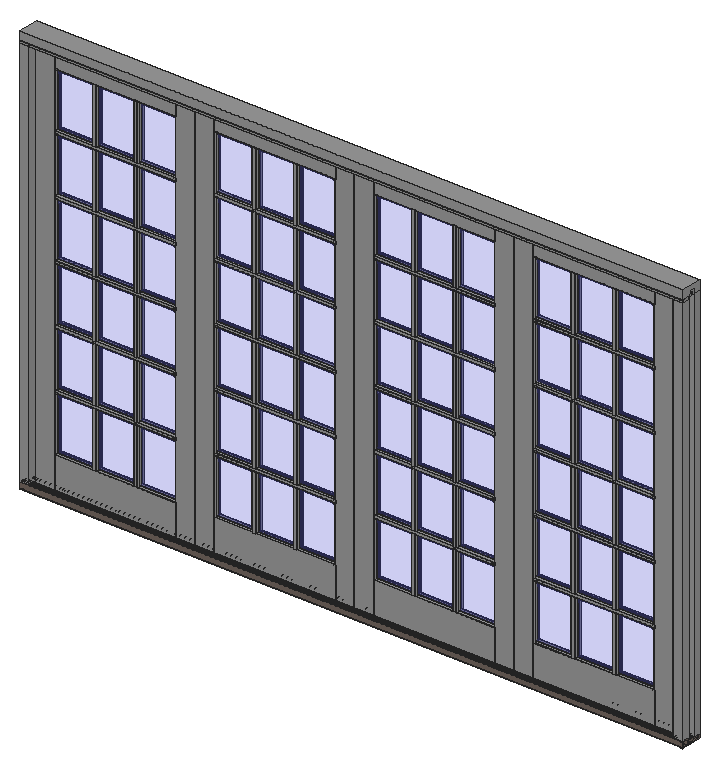
Revit family "VSFA 3390 SP RH", category Doors, host Wall, Revit 2015 (continued)
Automatic sketch dimensions
  Sweep 99 sketch curve to Sweep 99 sketch curve = 198.34 mm
  plane 5 to Sweep 99 sketch curve = 722.012 mm
  Sweep 99 sketch curve to Sweep 99 sketch curve = 284.012 mm
  profile plane to Sweep 99 sketch curve = 0 mm
  profile plane to Sweep 99 sketch curve = 0.241 mm
  Sweep 99 sketch curve to Sweep 99 sketch curve = 6.759 mm
  Sweep 99 sketch curve to Sweep 99 sketch curve = 2 mm  (x2)
  Sweep 99 sketch curve to profile plane = 86 mm
  Sweep 99 sketch curve to Sweep 99 sketch curve = 6 mm
  plane 8 to Sweep 100 sketch curve = 294.32 mm
  plane 8 to Sweep 100 sketch curve = 95.98 mm
  plane 5 to Sweep 100 sketch curve = 722.012 mm
  Sweep 100 sketch curve to Sweep 100 sketch curve = 284.012 mm
  profile plane to Sweep 100 sketch curve = 0 mm
  profile plane to Sweep 100 sketch curve = 0.241 mm
  Sweep 100 sketch curve to Sweep 100 sketch curve = 6.759 mm
  Sweep 100 sketch curve to Sweep 100 sketch curve = 2 mm  (x2)
  Sweep 100 sketch curve to profile plane = 86 mm
  Sweep 100 sketch curve to Sweep 100 sketch curve = 6 mm
  host wall to Extrusion 101 sketch curve = 7.5 mm  (x3)
  Extrusion 101 sketch curve to plane 3 "Left" = 334.84 mm
  Extrusion 101 sketch curve to Extrusion 101 sketch curve = 2 mm  (x8)
  Extrusion 101 sketch curve to Extrusion 101 sketch curve = 6.759 mm  (x4)
  Extrusion 101 sketch curve to Extrusion 101 sketch curve = 0.241 mm  (x6)
  Extrusion 101 sketch curve to Extrusion 101 sketch curve = 13 mm  (x3)
  Extrusion 101 sketch curve to Extrusion 101 sketch curve = 0 mm  (x2)
  host wall to Extrusion 101 sketch curve = 5.5 mm
  Extrusion 101 sketch curve to Extrusion 101 sketch curve = 180.34 mm
  Extrusion 101 sketch curve to Extrusion 101 sketch curve = 8 mm
  host wall to Extrusion 101 sketch curve = 13.5 mm
  Extrusion 101 sketch curve to Extrusion 101 sketch curve = 6 mm
  Extrusion 101 sketch curve to Extrusion 101 sketch curve = 1.197 mm  (x2)
  Extrusion 101 sketch curve to host wall = 24.5 mm  (x2)
  Sweep 102 sketch curve to plane 3 "Left" = 145.5 mm
  Sweep 102 sketch curve to Sweep 102 sketch curve = 198.34 mm
  plane 5 to Sweep 102 sketch curve = 1019.012 mm
  Sweep 102 sketch curve to Sweep 102 sketch curve = 284.012 mm
  profile plane to Sweep 102 sketch curve = 0 mm
  profile plane to Sweep 102 sketch curve = 0.241 mm
  Sweep 102 sketch curve to Sweep 102 sketch curve = 6.759 mm
  Sweep 102 sketch curve to Sweep 102 sketch curve = 2 mm  (x2)
  Sweep 102 sketch curve to profile plane = 86 mm
  Sweep 102 sketch curve to Sweep 102 sketch curve = 6 mm
  Sweep 103 sketch curve to plane 3 "Left" = 356.84 mm
  Sweep 103 sketch curve to Sweep 103 sketch curve = 198.34 mm
  plane 5 to Sweep 103 sketch curve = 1019.012 mm
  Sweep 103 sketch curve to Sweep 103 sketch curve = 284.012 mm
  profile plane to Sweep 103 sketch curve = 0 mm
  profile plane to Sweep 103 sketch curve = 0.241 mm
  Sweep 103 sketch curve to Sweep 103 sketch curve = 6.759 mm
  Sweep 103 sketch curve to Sweep 103 sketch curve = 2 mm  (x2)
  Sweep 103 sketch curve to profile plane = 86 mm
  Sweep 103 sketch curve to Sweep 103 sketch curve = 6 mm
  plane 8 to Sweep 104 sketch curve = 294.32 mm
  plane 8 to Sweep 104 sketch curve = 95.98 mm
  plane 5 to Sweep 104 sketch curve = 1019.012 mm
  Sweep 104 sketch curve to Sweep 104 sketch curve = 284.012 mm
  profile plane to Sweep 104 sketch curve = 0 mm
  profile plane to Sweep 104 sketch curve = 0.241 mm
  Sweep 104 sketch curve to Sweep 104 sketch curve = 6.759 mm
  Sweep 104 sketch curve to Sweep 104 sketch curve = 2 mm  (x2)
  Sweep 104 sketch curve to profile plane = 86 mm
  Sweep 104 sketch curve to Sweep 104 sketch curve = 6 mm
  host wall to Extrusion 105 sketch curve = 7.5 mm  (x3)
  Extrusion 105 sketch curve to plane 3 "Left" = 334.84 mm
  Extrusion 105 sketch curve to Extrusion 105 sketch curve = 2 mm  (x8)
  Extrusion 105 sketch curve to Extrusion 105 sketch curve = 6.759 mm  (x4)
  Extrusion 105 sketch curve to Extrusion 105 sketch curve = 0.241 mm  (x6)
  Extrusion 105 sketch curve to Extrusion 105 sketch curve = 13 mm  (x3)
  Extrusion 105 sketch curve to Extrusion 105 sketch curve = 0 mm  (x2)
  host wall to Extrusion 105 sketch curve = 5.5 mm
  Extrusion 105 sketch curve to Extrusion 105 sketch curve = 180.34 mm
  Extrusion 105 sketch curve to Extrusion 105 sketch curve = 8 mm
  host wall to Extrusion 105 sketch curve = 13.5 mm
  Extrusion 105 sketch curve to Extrusion 105 sketch curve = 6 mm
  Extrusion 105 sketch curve to Extrusion 105 sketch curve = 1.197 mm  (x2)
  Extrusion 105 sketch curve to host wall = 24.5 mm  (x2)
  Sweep 106 sketch curve to plane 3 "Left" = 145.5 mm
  Sweep 106 sketch curve to Sweep 106 sketch curve = 198.34 mm
  level to Sweep 106 sketch curve = 783.988 mm
  Sweep 106 sketch curve to Sweep 106 sketch curve = 284.012 mm
  profile plane to Sweep 106 sketch curve = 0 mm
  profile plane to Sweep 106 sketch curve = 0.241 mm
  Sweep 106 sketch curve to Sweep 106 sketch curve = 6.759 mm
  Sweep 106 sketch curve to Sweep 106 sketch curve = 2 mm  (x2)
  Sweep 106 sketch curve to profile plane = 86 mm
  Sweep 106 sketch curve to Sweep 106 sketch curve = 6 mm
  Sweep 107 sketch curve to plane 3 "Left" = 356.84 mm
  Sweep 107 sketch curve to Sweep 107 sketch curve = 198.34 mm
  level to Sweep 107 sketch curve = 783.988 mm
  Sweep 107 sketch curve to Sweep 107 sketch curve = 284.012 mm
  profile plane to Sweep 107 sketch curve = 0 mm
  profile plane to Sweep 107 sketch curve = 0.241 mm
  Sweep 107 sketch curve to Sweep 107 sketch curve = 6.759 mm
  Sweep 107 sketch curve to Sweep 107 sketch curve = 2 mm  (x2)
  Sweep 107 sketch curve to profile plane = 86 mm
  Sweep 107 sketch curve to Sweep 107 sketch curve = 6 mm
  plane 8 to Sweep 108 sketch curve = 294.32 mm
  plane 8 to Sweep 108 sketch curve = 95.98 mm
  level to Sweep 108 sketch curve = 783.988 mm
  Sweep 108 sketch curve to Sweep 108 sketch curve = 284.012 mm
  profile plane to Sweep 108 sketch curve = 0 mm
  profile plane to Sweep 108 sketch curve = 0.241 mm
  Sweep 108 sketch curve to Sweep 108 sketch curve = 6.759 mm
  Sweep 108 sketch curve to Sweep 108 sketch curve = 2 mm  (x2)
  Sweep 108 sketch curve to profile plane = 86 mm
  Sweep 108 sketch curve to Sweep 108 sketch curve = 6 mm
  host wall to Extrusion 109 sketch curve = 7.5 mm  (x3)
  Extrusion 109 sketch curve to plane 3 "Left" = 334.84 mm
  Extrusion 109 sketch curve to Extrusion 109 sketch curve = 2 mm  (x8)
  Extrusion 109 sketch curve to Extrusion 109 sketch curve = 6.759 mm  (x4)
  Extrusion 109 sketch curve to Extrusion 109 sketch curve = 0.241 mm  (x6)
  Extrusion 109 sketch curve to Extrusion 109 sketch curve = 13 mm  (x3)
  Extrusion 109 sketch curve to Extrusion 109 sketch curve = 0 mm  (x2)
  host wall to Extrusion 109 sketch curve = 5.5 mm
  Extrusion 109 sketch curve to Extrusion 109 sketch curve = 180.34 mm
  Extrusion 109 sketch curve to Extrusion 109 sketch curve = 8 mm
  host wall to Extrusion 109 sketch curve = 13.5 mm
  Extrusion 109 sketch curve to Extrusion 109 sketch curve = 6 mm
  Extrusion 109 sketch curve to Extrusion 109 sketch curve = 1.197 mm  (x2)
  Extrusion 109 sketch curve to host wall = 24.5 mm  (x2)
  Sweep 110 sketch curve to plane 3 "Left" = 145.5 mm
  Sweep 110 sketch curve to Sweep 110 sketch curve = 198.34 mm
  level to Sweep 110 sketch curve = 486.988 mm
  Sweep 110 sketch curve to Sweep 110 sketch curve = 284.012 mm
  profile plane to Sweep 110 sketch curve = 0 mm
  profile plane to Sweep 110 sketch curve = 0.241 mm
  Sweep 110 sketch curve to Sweep 110 sketch curve = 6.759 mm
  Sweep 110 sketch curve to Sweep 110 sketch curve = 2 mm  (x2)
  Sweep 110 sketch curve to profile plane = 86 mm
  Sweep 110 sketch curve to Sweep 110 sketch curve = 6 mm
  Sweep 111 sketch curve to plane 3 "Left" = 356.84 mm
  Sweep 111 sketch curve to Sweep 111 sketch curve = 198.34 mm
  level to Sweep 111 sketch curve = 486.988 mm
  Sweep 111 sketch curve to Sweep 111 sketch curve = 284.012 mm
  profile plane to Sweep 111 sketch curve = 0 mm
  profile plane to Sweep 111 sketch curve = 0.241 mm
  Sweep 111 sketch curve to Sweep 111 sketch curve = 6.759 mm
  Sweep 111 sketch curve to Sweep 111 sketch curve = 2 mm  (x2)
  Sweep 111 sketch curve to profile plane = 86 mm
  Sweep 111 sketch curve to Sweep 111 sketch curve = 6 mm
  plane 8 to Sweep 112 sketch curve = 294.32 mm
  plane 8 to Sweep 112 sketch curve = 95.98 mm
  level to Sweep 112 sketch curve = 486.988 mm
  Sweep 112 sketch curve to Sweep 112 sketch curve = 284.012 mm
  profile plane to Sweep 112 sketch curve = 0 mm
  profile plane to Sweep 112 sketch curve = 0.241 mm
  Sweep 112 sketch curve to Sweep 112 sketch curve = 6.759 mm
  Sweep 112 sketch curve to Sweep 112 sketch curve = 2 mm  (x2)
  Sweep 112 sketch curve to profile plane = 86 mm
  Sweep 112 sketch curve to Sweep 112 sketch curve = 6 mm
  host wall to Extrusion 113 sketch curve = 7.5 mm  (x3)
  Extrusion 113 sketch curve to plane 3 "Left" = 334.84 mm
  Extrusion 113 sketch curve to Extrusion 113 sketch curve = 2 mm  (x8)
  Extrusion 113 sketch curve to Extrusion 113 sketch curve = 6.759 mm  (x4)
  Extrusion 113 sketch curve to Extrusion 113 sketch curve = 0.241 mm  (x6)
  Extrusion 113 sketch curve to Extrusion 113 sketch curve = 13 mm  (x3)
  Extrusion 113 sketch curve to Extrusion 113 sketch curve = 0 mm  (x2)
  host wall to Extrusion 113 sketch curve = 5.5 mm
  Extrusion 113 sketch curve to Extrusion 113 sketch curve = 180.34 mm
  Extrusion 113 sketch curve to Extrusion 113 sketch curve = 8 mm
  host wall to Extrusion 113 sketch curve = 13.5 mm
  Extrusion 113 sketch curve to Extrusion 113 sketch curve = 6 mm
  Extrusion 113 sketch curve to Extrusion 113 sketch curve = 1.197 mm  (x2)
  Extrusion 113 sketch curve to host wall = 24.5 mm  (x2)
  Sweep 114 sketch curve to plane 3 "Left" = 145.5 mm
  Sweep 114 sketch curve to Sweep 114 sketch curve = 198.34 mm
  level to Sweep 114 sketch curve = 189.988 mm
  Sweep 114 sketch curve to Sweep 114 sketch curve = 284.012 mm
  profile plane to Sweep 114 sketch curve = 0 mm
  profile plane to Sweep 114 sketch curve = 0.241 mm
  Sweep 114 sketch curve to Sweep 114 sketch curve = 6.759 mm
  Sweep 114 sketch curve to Sweep 114 sketch curve = 2 mm  (x2)
  Sweep 114 sketch curve to profile plane = 86 mm
  Sweep 114 sketch curve to Sweep 114 sketch curve = 6 mm
  Sweep 115 sketch curve to plane 3 "Left" = 356.84 mm
  Sweep 115 sketch curve to Sweep 115 sketch curve = 198.34 mm
  level to Sweep 115 sketch curve = 189.988 mm
  Sweep 115 sketch curve to Sweep 115 sketch curve = 284.012 mm
  profile plane to Sweep 115 sketch curve = 0 mm
  profile plane to Sweep 115 sketch curve = 0.241 mm
  Sweep 115 sketch curve to Sweep 115 sketch curve = 6.759 mm
  Sweep 115 sketch curve to Sweep 115 sketch curve = 2 mm  (x2)
  Sweep 115 sketch curve to profile plane = 86 mm
  Sweep 115 sketch curve to Sweep 115 sketch curve = 6 mm
  plane 8 to Sweep 116 sketch curve = 294.32 mm
  plane 8 to Sweep 116 sketch curve = 95.98 mm
  level to Sweep 116 sketch curve = 189.988 mm
  Sweep 116 sketch curve to Sweep 116 sketch curve = 284.012 mm
  profile plane to Sweep 116 sketch curve = 0 mm
  profile plane to Sweep 116 sketch curve = 0.241 mm
  Sweep 116 sketch curve to Sweep 116 sketch curve = 6.759 mm
  Sweep 116 sketch curve to Sweep 116 sketch curve = 2 mm  (x2)
  Sweep 116 sketch curve to profile plane = 86 mm
  Sweep 116 sketch curve to Sweep 116 sketch curve = 6 mm
  curve 30 to curve 23 = 56.191 mm
  curve 29 to curve 28 = 112.382 mm
  curve 27 to curve 27 = 175 mm
  curve 29 to curve 27 = 56.191 mm
